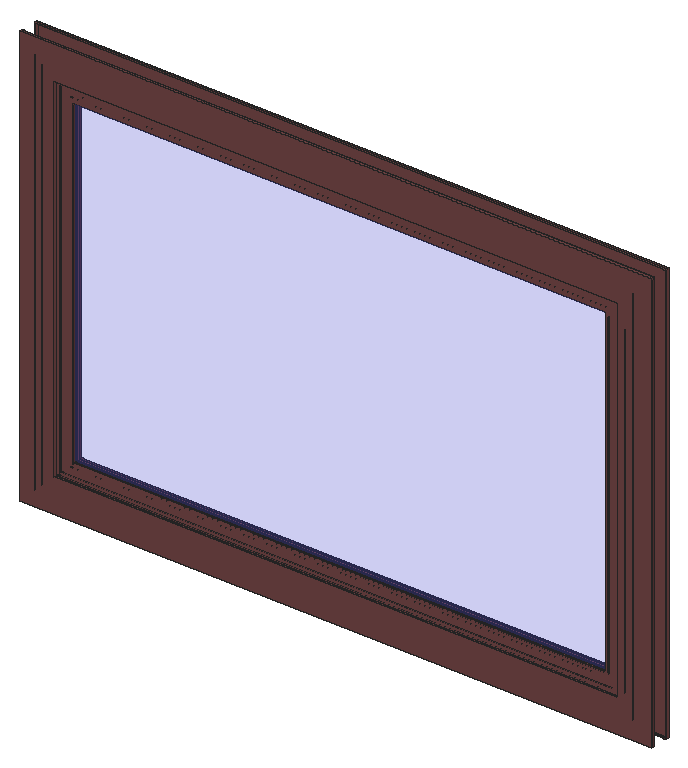
Revit family "PT, PS, 66, 96, 69, 612", category Windows, host Wall, Revit 2016
Family settings
  Host = Wall
  OmniClass Number = 23.30.20.00
  OmniClass Title = Windows
  Always vertical = Yes
  Cut with Voids When Loaded = No
  Shared = No
  Room Calculation Point = No
Parameters (values of type "PT Type- 96")
  URL = "http://www.robmeg.co.za"
  Top hung = yes
  Side hung = no
  Rough Height = 1219.2 mm
  Plaster = 5 mm
  Model = "PT 96"
  Manufacturer = "Robmeg"  # constant formula
  Height = 610 mm
  Glazing = Glass
  Description = "Anodized Alumium"
  Default Sill Height = 914.4 mm
  Wall Closure = By host
  Width = 910 mm
  Author = "Inside"
  Aluminium anodized = Aluminium
Types (5, lengths in mm): name | Top hung | Side hung | Model | Height | Description | Width | Author
  (no name) | yes | no | "PT 96" | 610 | "Anodized Alumium" | 910 | "Inside"
  PT Type- 66 | yes | no | "PT 66" | 610 | "Anodized Aluminium" | 610 | "Inside"
  PS Type- 69 | no | yes | "PS 69" | 910 | "Anodized Aluminium" | 610 | ""
  PS type- 612 | no | yes | "PS 612" | 1210 | "Anodized Aluminium" | 610 | "Inside"
  PT Type- 96 | yes | no | "PT 96" | 610 | "Anodized Alumium" | 910 | "Inside"
Reference planes
  plane 1 "Center (Front/Back)": y = 0
  plane 2: z = 0
  plane 3 "Center (Left/Right)": x = 0
  plane 4 "Left": x = -455
  plane 5 "Right": x = 455
  plane 6 "Sill": z = 914.4
  plane 7 "Top": z = 1524.4
  plane 8: x = -450
  plane 9: z = 1519.4
  plane 10: z = 919.4
  plane 11: x = 450
  plane 12 "Glass start": y = 1
  plane 13 "Glass end": y = -3
  plane 14: z = 1219.4
Forms (mm)
  Sweep 1, solid, material "Aluminium" <- "Aluminium anodized"
    path origin (0, 0, 0) x (1, 0, 0) y (0, 0, 1)
      loop
        line (450, 1519.4) -> (-450, 1519.4) -> (-450, 919.4) -> (450, 919.4) -> (450, 1519.4)
    profile "51741 : 51741" origin (0, 0, 1519.4) x (0, 0, -1) y (0, -1, 0)
      loop
        line (26.815, -14.05) -> (20.535, -14.05) -> (20.535, -10.19) -> (21.815, -10.19) -> (21.815, -7.3) -> (19.535, -7.3) -> (19.535, -14.05) -> (1.135, -14.05) -> (1.135, -10.95)
        arc (1.135, -10.95) -> (0.286, -11.301) -> (-0.065, -12.15) r 1.2
        line (-0.065, -12.15) -> (-0.065, -15.25) -> (30.515, -15.25) -> (30.515, -12.384) -> (28.015, -13.827) -> (28.015, 14.05) -> (29.515, 14.05) -> (29.515, 11.75)
        arc (29.515, 11.75) -> (30.015, 11.25) -> (30.515, 11.75) r 0.5
        line (30.515, 11.75) -> (30.515, 14.05) -> (39.515, 14.05) -> (39.515, 11.65) -> (41.896, 11.65) -> (41.896, 12.85) -> (40.715, 12.85) -> (40.715, 14.05) -> (46.215, 14.05) -> (46.215, 12.85) -> (45.215, 12.85) -> (45.215, 11.65) -> (47.415, 11.65) -> (47.415, 15.25) -> (-0.065, 15.25) -> (-0.065, 12.15)
        arc (-0.065, 12.15) -> (0.334, 11.455) -> (1.135, 11.45) r 0.804
        line (1.135, 11.45) -> (1.135, 14.05) -> (19.535, 14.05) -> (19.535, 7.3) -> (21.815, 7.3) -> (21.815, 10.19) -> (20.535, 10.19) -> (20.535, 14.05) -> (26.815, 14.05) -> (26.815, -14.05)
  Sweep 2, solid, material "Aluminium" <- "Aluminium anodized"
    path origin (0, 0, 0) x (1, 0, 0) y (0, 0, 1)
      loop
        line (-450, 1519.4) -> (-450, 919.4) -> (450, 919.4) -> (450, 1519.4) -> (-450, 1519.4)
    profile "H10197 : H10197" origin (-450, 0, 1219.4) x (1, 0, 0) y (0, -1, 0)
      loop
        line (43.095, 8.408) -> (43.095, -19.692) -> (49.375, -19.692) -> (49.375, -14.812)
        arc (49.375, -14.812) -> (48.125, -13.562) -> (49.375, -12.312) r 1.25
        line (49.375, -12.312) -> (49.375, 1.008)
        arc (49.375, 1.008) -> (48.125, 2.258) -> (49.375, 3.508) r 1.25
        line (49.375, 3.508) -> (49.375, 8.408) -> (43.095, 8.408)
      loop
        line (41.895, 8.128) -> (41.895, -5.218) -> (41.895, -19.692) -> (40.495, -19.692) -> (40.495, -17.512)
        arc (40.495, -17.512) -> (39.995, -17.012) -> (39.495, -17.512) r 0.5
        line (39.495, -17.512) -> (39.495, -19.692) -> (30.495, -19.692) -> (30.495, -17.492) -> (28.345, -17.492)
        arc (28.345, -17.492) -> (27.845, -17.992) -> (28.345, -18.492) r 0.5
        line (28.345, -18.492) -> (29.295, -18.492) -> (29.295, -19.692) -> (23.795, -19.692) -> (23.795, -18.378) -> (24.706, -18.378)
        arc (24.706, -18.378) -> (25.206, -17.878) -> (24.706, -17.378) r 0.5
        line (24.706, -17.378) -> (23.784, -17.378)
        arc (23.784, -17.378) -> (23.137, -16.895) -> (22.595, -17.493) r 0.6
        line (22.595, -17.493) -> (22.595, -20.892) -> (53.175, -20.892) -> (53.175, -18.892)
        arc (53.175, -18.892) -> (51.875, -18.322) -> (50.575, -18.892) r 1.767
        line (50.575, -18.892) -> (50.575, -6.066) -> (50.575, 7.908)
        arc (50.575, 7.908) -> (51.375, 8.708) -> (52.175, 7.908) r 0.8
        line (52.175, 7.908) -> (52.175, 6.228)
        arc (52.175, 6.228) -> (52.675, 5.728) -> (53.175, 6.228) r 0.5
        line (53.175, 6.228) -> (53.175, 8.408) -> (62.175, 8.408) -> (62.175, 6.208) -> (64.325, 6.208)
        arc (64.325, 6.208) -> (64.825, 6.708) -> (64.325, 7.208) r 0.5
        line (64.325, 7.208) -> (63.375, 7.208) -> (63.375, 8.408) -> (68.875, 8.408) -> (68.875, 7.208) -> (67.925, 7.208)
        arc (67.925, 7.208) -> (67.425, 6.708) -> (67.925, 6.208) r 0.5
        line (67.925, 6.208) -> (68.875, 6.208)
        arc (68.875, 6.208) -> (69.474, 5.608) -> (70.075, 6.207) r 0.6
        line (70.075, 6.207) -> (70.075, 9.608) -> (39.495, 9.608) -> (39.495, 6.742) -> (41.895, 8.128)
  Sweep 3, solid, material "Aluminium" <- "Aluminium anodized"
    path origin (0, 0, 0) x (1, 0, 0) y (0, 0, 1)
      loop
        line (-450, 1519.4) -> (-450, 919.4) -> (450, 919.4) -> (450, 1519.4) -> (-450, 1519.4)
    profile "glazing gasket : glazing gasket" origin (-450, 0, 1219.4) x (1, 0, 0) y (0, -1, 0)
      loop
        line (53.254, -17.23) -> (53.254, -20.244) -> (69.855, -5.509)
        arc (69.855, -5.509) -> (69.76, -4.756) -> (69.092, -5.117) r 0.46
        line (69.092, -5.117) -> (67.564, -6.473) -> (66.198, -4.108) -> (65.274, -4.108) -> (66.736, -6.639) -> (61.74, -6.639) -> (63.22, -4.077) -> (51.988, -4.077) -> (51.988, 8.186) -> (51.188, 8.186) -> (51.188, -4.877) -> (61.834, -4.877) -> (60.355, -7.439) -> (66.475, -7.439) -> (54.054, -18.464) -> (54.054, -15.845) -> (50.954, -17.634) -> (50.954, -18.558) -> (53.254, -17.23)
  Extrusion 4, solid, material "Glass" <- "Glazing"
    sketch origin (0, 0, 914.4) x (0, -1, 0) y (1, 0, 0)
      loop
        line (-1, -395.946) -> (3, -395.946) -> (3, 395.946) -> (-1, 395.946) -> (-1, -395.946)
    from 59.054 to 550.946
Lines and regions (mm)
  Opening 1
    outline origin (-1524, -76.2, 0) x (1, 0, 0) y (0, 0, 1)
      loop
        line (1069, 1524.4) -> (1069, 914.4) -> (1979, 914.4) -> (1979, 1524.4) -> (1069, 1524.4)
  symbolic lines, style "Elevation Swing", visible <- "Top hung"
    curve 1: line (427.426, 0, 1496.826) -> (0, 0, 941.995)
    curve 2: line (0, 0, 941.995) -> (-427.405, 0, 1496.805)
  symbolic lines, style "Elevation Swing", visible <- "Side hung"
    curve 3: line (427.426, 0, 1496.826) -> (-427.405, 0, 1219.411)
    curve 4: line (-427.405, 0, 1219.411) -> (427.405, 0, 941.995)
Text (mm)
  text "EXTERIOR" at (-1490.695, 1293.036, 0), in view "Ref. Level"
  text "INTERIOR" at (-1490.695, -959.266, 0), in view "Ref. Level"
  text "Exterior" at (0, 1108.87, 3129.179), in view "Left"
  text "Exterior" at (0, 464.664, 3176.206), in view "Right"
Dimensions and locks
  equal spacing: plane 4 "Left", plane 3 "Center (Left/Right)", plane 5 "Right"
  "Width": plane 4 "Left" to plane 5 "Right"
  "Height": plane 6 "Sill" to plane 7 "Top"
  "Default Sill Height": plane 2 to plane 6 "Sill"
  "Plaster": plane 9 to plane 7 "Top"
  "Plaster": plane 6 "Sill" to plane 10
  "Plaster": plane 11 to plane 5 "Right"
  "Plaster": plane 4 "Left" to plane 8
  equal spacing: plane 6 "Sill", plane 14, plane 7 "Top"
  aligned and locked: plane 7 "Top" to Opening 1 sketch curve
  aligned and locked: plane 6 "Sill" to Opening 1 sketch curve  (x2)
  aligned and locked: plane 5 "Right" to Opening 1 sketch curve
  aligned and locked: plane 4 "Left" to Opening 1 sketch curve
  aligned and locked: level to plane 2
  aligned and locked: plane 9 to Sweep 1 sketch curve
  aligned and locked: plane 11 to Sweep 1 sketch curve
  aligned and locked: plane 10 to Sweep 1 sketch curve
  aligned and locked: plane 8 to Sweep 1 sketch curve
  aligned and locked: plane 8 to Sweep 2 sketch curve
  aligned and locked: plane 9 to Sweep 2 sketch curve
  aligned and locked: plane 11 to Sweep 2 sketch curve
  aligned and locked: plane 10 to Sweep 2 sketch curve
  aligned and locked: plane 8 to Sweep 3 sketch curve
  aligned and locked: plane 9 to Sweep 3 sketch curve
  aligned and locked: plane 11 to Sweep 3 sketch curve
  aligned and locked: plane 10 to Sweep 3 sketch curve
  aligned and locked: plane 12 "Glass start" to Extrusion 4 sketch curve
  aligned and locked: Extrusion 4 sketch curve to plane 13 "Glass end"
  aligned and locked: Sweep 3 to Extrusion 4 sketch curve
  aligned and locked: Extrusion 4 sketch curve to Sweep 3
  aligned and locked: Extrusion 4 to Sweep 3
  aligned and locked: Sweep 3 to Extrusion 4
Automatic sketch dimensions
  plane 8 to Sweep 2 sketch curve = 0 mm
  curve 2 to plane 3 "Center (Left/Right)" = 0 mm
  plane 11 to curve 3 = 22.574 mm
  plane 10 to curve 1 = 22.595 mm
  curve 3 to plane 9 = 22.574 mm
  curve 3 to plane 8 = 22.595 mm
  curve 2 to plane 8 = 22.595 mm
  plane 14 to curve 4 = 0.011 mm
  plane 11 to curve 4 = 22.595 mm
  plane 10 to curve 4 = 22.595 mm
  curve 2 to plane 9 = 22.595 mm
